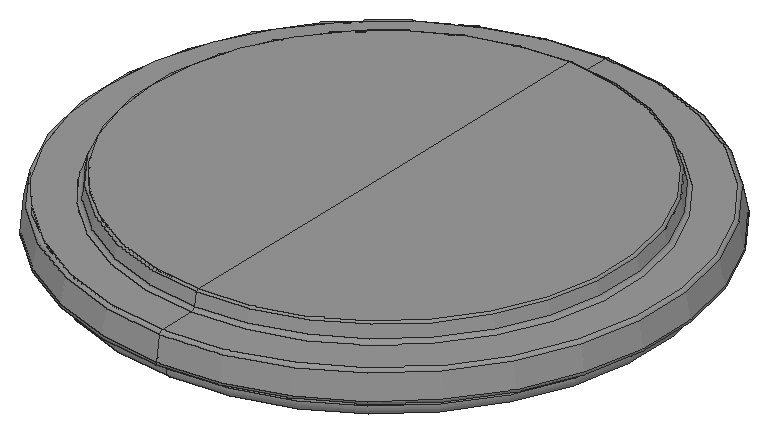
Revit family "FMK13_63_UN_Surface-mounted_ETK", category Lighting Fixtures, Revit 2017 (continued)
Definition of nested family "FMK.1 - Lightsource"
  Types (13, lengths in mm): name | Wattage Comments | Photometric Web File | built-in parameter 1150142 | Apparent Load
    FMK.1239.10 - Ø300x40 / 18W | "18W" | "FMK.1239.10.ies" | "IESNA:LM-63-2002\r\n[TEST] /2014\r\n[TESTLAB] ies2eulumdat.appspot.com\r\n[ISSUEDATE] 2021-06-16T09:02:18.810\r\n[MANUFAC] www.etk.nl\r\n[LUMCAT] FMK.1209.10\r\n[LUMINAIRE] FMK.1 LED 18W 3000/4000/5700K ø300 niet dimbaar\r\n[LAMPCAT] LED\r\n[LAMP] LED\r\nTILT=NONE\r\n1\t1710\t1\t46\t180\t1\t2\t-0.300\t-0.300\t0\r\n1.0\t1.0\t18.30\r\n0\t 2\t 4\t 6\t 8\t 10\t 12\t 14\t 16\t 18\r\n20\t 22\t 24\t 26\t 28\t 30\t 32\t 34\t 36\t 38\r\n40\t 42\t 44\t 46\t 48\t 50\t 52\t 54\t 56\t 58\r\n60\t 62\t 64\t 66\t 68\t 70\t 72\t 74\t 76\t 78\r\n80\t 82\t 84\t 86\t 88\t 90\r\n0\t 2\t 4\t 6\t 8\t 10\t 12\t 14\t 16\t 18\r\n20\t 22\t 24\t 26\t 28\t 30\t 32\t 34\t 36\t 38\r\n40\t 42\t 44\t 46\t 48\t 50\t 52\t 54\t 56\t 58\r\n60\t 62\t 64\t 66\t 68\t 70\t 72\t 74\t 76\t 78\r\n80\t 82\t 84\t 86\t 88\t 90\t 92\t 94\t 96\t 98\r\n100\t 102\t 104\t 106\t 108\t 110\t 112\t 114\t 116\t 118\r\n120\t 122\t 124\t 126\t 128\t 130\t 132\t 134\t 136\t 138\r\n140\t 142\t 144\t 146\t 148\t 150\t 152\t 154\t 156\t 158\r\n160\t 162\t 164\t 166\t 168\t 170\t 172\t 174\t 176\t 178\r\n180\t 182\t 184\t 186\t 188\t 190\t 192\t 194\t 196\t 198\r\n200\t 202\t 204\t 206\t 208\t 210\t 212\t 214\t 216\t 218\r\n220\t 222\t 224\t 226\t 228\t 230\t 232\t 234\t 236\t 238\r\n240\t 242\t 244\t 246\t 248\t 250\t 252\t 254\t 256\t 258\r\n260\t 262\t 264\t 266\t 268\t 270\t 272\t 274\t 276\t 278\r\n280\t 282\t 284\t 286\t 288\t 290\t 292\t 294\t 296\t 298\r\n300\t 302\t 304\t 306\t 308\t 310\t 312\t 314\t 316\t 318\r\n320\t 322\t 324\t 326\t 328\t 330\t 332\t 334\t 336\t 338\r\n340\t 342\t 344\t 346\t 348\t 350\t 352\t 354\t 356\t 358\r\n\r\n604.9325\t603.2919\t601.6514\t598.9367\t595.1481\t591.3474\t584.4074\t577.4673\t570.5271\t563.5989\r\n556.6589\t546.0716\t535.4844\t524.9091\t514.322\t503.7347\t489.8782\t476.0098\t462.1414\t448.2731\r\n434.4164\t417.5148\t400.6012\t383.6995\t366.7979\t349.8961\t330.7164\t311.5251\t292.3454\t273.1539\r\n253.9742\t234.7827\t215.6031\t196.4116\t177.2319\t158.0404\t0\t0\t0\t0\r\n0\t0\t0\t0\t0\t0\r\n604.9325\t603.303\t601.6736\t598.9672\t595.1776\t591.371\t584.4474\t577.518\t570.5942\t563.6772\r\n556.7804\t546.2089\t535.6382\t525.0562\t514.4711\t503.9096\t490.0793\t476.249\t462.4177\t448.5869\r\n434.7567\t417.8553\t400.9346\t384.014\t367.0954\t350.1887\t331.0138\t311.8383\t292.6629\t273.4839\r\n254.309\t235.1337\t215.9576\t196.7709\t177.5953\t158.8079\t0.4083\t0\t0\t0\r\n0\t0\t0\t0\t0\t0\r\n604.9325\t603.316\t601.6989\t599.0015\t595.1958\t591.3698\t584.4843\t577.5711\t570.6711\t563.7586\r\n556.8947\t546.3551\t535.7596\t525.1644\t514.5799\t504.0319\t490.2428\t476.4007\t462.5425\t448.6943\r\n434.9048\t418.0625\t401.1696\t384.2789\t367.3894\t350.5392\t331.4019\t312.225\t293.0468\t273.8823\r\n254.7052\t235.5402\t216.3663\t197.1991\t178.024\t160.3893\t1.6616\t0\t0\t0\r\n0\t0\t0\t0\t0\t0\r\n604.9325\t603.3306\t601.7275\t599.0433\t595.2312\t591.4156\t584.5657\t577.6625\t570.7544\t563.8431\r\n557.0019\t546.5201\t535.9272\t525.353\t514.7657\t504.264\t490.5226\t476.6557\t462.7667\t448.8924\r\n435.124\t418.3554\t401.4707\t384.5722\t367.6697\t350.8303\t331.7467\t312.5747\t293.4071\t274.2312\r\n255.0699\t235.9111\t216.7553\t197.6045\t178.4467\t162.6446\t3.8393\t0\t0\t0\r\n0\t0\t0\t0\t0\t0\r\n604.9325\t603.3467\t601.7784\t599.0852\t595.2744\t591.4839\t584.6789\t577.7818\t570.8609\t563.9373\r\n557.1543\t546.7354\t536.1372\t525.529\t514.8988\t504.4471\t490.789\t476.9063\t463.0292\t449.1418\r\n435.4474\t418.7539\t401.8361\t384.8952\t367.9622\t351.1523\t332.1531\t312.9933\t293.8363\t274.6741\r\n255.5041\t236.3482\t217.1967\t198.0491\t178.904\t165.4825\t7.0717\t0\t0\t0\r\n0\t0\t0\t0\t0\t0\r\n604.9325\t603.3646\t601.8109\t599.1301\t595.3254\t591.5822\t584.8149\t577.9154\t571.003\t564.0375\r\n557.2822\t546.9546\t536.3271\t525.6894\t515.0537\t504.6554\t491.1358\t477.2379\t463.3307\t449.4155\r\n435.7478\t419.1745\t402.2081\t385.2544\t368.2909\t351.5211\t332.6242\t313.4509\t294.2734\t275.1156\r\n255.9625\t236.8063\t217.6543\t198.5095\t179.3715\t168.6886\t11.5411\t0\t0\t0\r\n0\t0\t0\t0\t0\t0\r\n604.9325\t603.3841\t601.8434\t599.178\t595.3834\t591.6781\t584.976\t578.0752\t571.1133\t564.0963\r\n557.383\t547.1909\t536.5313\t525.8766\t515.2136\t504.8691\t491.4968\t477.5392\t463.5748\t449.6118\r\n435.9498\t419.5755\t402.6015\t385.6298\t368.6616\t351.9183\t333.1605\t313.9425\t294.7654\t275.5923\r\n256.4278\t237.2774\t218.1312\t198.9956\t179.8672\t172.0139\t17.4822\t0\t0\t0\r\n0\t0\t0\t0\t0\t0\r\n604.9325\t603.4053\t601.8759\t599.2285\t595.4497\t591.7812\t585.1731\t578.2085\t571.1927\t564.1664\r\n557.4629\t547.4497\t536.7769\t526.0887\t515.3685\t505.002\t491.8629\t477.8739\t463.8657\t449.8384\r\n436.2083\t420.1244\t403.1335\t386.0845\t369.0368\t352.2643\t333.7051\t314.4923\t295.2823\t276.0978\r\n256.9176\t237.7601\t218.6225\t199.4936\t180.379\t175.1597\t25.1927\t0\t0\t0\r\n0\t0\t0\t0\t0\t0\r\n604.9325\t603.4593\t601.9085\t599.2738\t595.5244\t591.9079\t585.3373\t578.316\t571.3136\t564.2514\r\n557.5412\t547.753\t537.0529\t526.317\t515.5469\t505.1567\t492.6884\t478.2212\t464.1752\t450.1642\r\n436.1336\t421.0943\t403.6156\t386.5209\t369.432\t352.3337\t334.5504\t315.0513\t295.836\t276.637\r\n257.4544\t238.29\t219.1493\t200.0199\t180.9108\t177.7292\t35.0259\t0\t0\t0\r\n0\t0\t0\t0\t0\t0\r\n604.9325\t603.4826\t601.941\t599.3319\t595.6075\t591.9952\t585.4602\t578.4838\t571.4702\t564.333\r\n557.6055\t548.1073\t537.3696\t526.5928\t515.7384\t504.8144\t493.0694\t478.6336\t464.5307\t450.3943\r\n436.2933\t421.64\t404.1436\t386.9492\t369.8193\t352.7072\t335.1677\t315.6771\t296.4365\t277.212\r\n258.007\t238.8258\t219.6743\t200.5397\t181.4425\t179.2574\t47.3991\t0\t0\t0\r\n0\t0\t0\t0\t0\t0\r\n604.9325\t603.5064\t601.9734\t599.3945\t595.7161\t592.0648\t585.6584\t578.7119\t571.6053\t564.412\r\n557.2136\t548.9435\t537.7363\t526.8513\t515.8959\t504.8997\t493.4258\t478.9823\t464.8596\t450.6873\r\n436.4267\t422.0138\t404.7199\t387.5204\t370.3217\t353.0976\t335.7436\t316.324\t297.0385\t277.7912\r\n258.567\t239.3682\t220.2087\t201.0815\t181.9832\t162.9148\t98.4026\t0\t0\t0\r\n0\t0\t0\t0\t0\t0\r\n604.9325\t603.5306\t602.0055\t599.4612\t595.8018\t592.0844\t585.9012\t578.9142\t571.7274\t564.5615\r\n557.281\t549.3317\t538.103\t527.1296\t516.0869\t504.9399\t493.7098\t479.4734\t465.2005\t450.9492\r\n436.7405\t422.5771\t405.4099\t388.0744\t370.7796\t353.4924\t336.2684\t316.9931\t297.6847\t278.4178\r\n259.1782\t239.9648\t220.7735\t201.6345\t182.5343\t163.481\t113.7595\t0\t0\t0\r\n0\t0\t0\t0\t0\t0\r\n604.9325\t603.5554\t602.0217\t599.532\t595.8866\t592.1561\t586.588\t579.0795\t571.9261\t564.708\r\n557.356\t549.6474\t538.4927\t527.425\t516.249\t505.0832\t494.0234\t479.9866\t465.7575\t451.3805\r\n437.0064\t422.8844\t406.0364\t388.6721\t371.3233\t353.9575\t336.8059\t317.7551\t298.3731\t279.0511\r\n259.7888\t240.5534\t221.3703\t202.2241\t183.1196\t164.0583\t128.3143\t0\t0\t0\r\n0\t0\t0\t0\t0\t0\r\n604.9325\t603.5809\t602.0558\t599.618\t595.9723\t592.2358\t586.8402\t579.3172\t572.1843\t564.8477\r\n557.415\t549.9086\t538.9015\t527.7199\t516.5471\t505.2607\t494.2777\t480.6872\t466.1976\t451.7399\r\n437.252\t422.7612\t407.2466\t389.4272\t371.966\t354.4582\t337.2243\t318.5243\t299.1108\t279.742\r\n260.4244\t241.1781\t221.9657\t202.8103\t183.7099\t164.6491\t141.3505\t0\t0\t0\r\n0\t0\t0\t0\t0\t0\r\n604.9325\t603.6071\t602.0912\t599.6912\t596.0451\t591.9798\t587.0148\t579.6483\t572.4109\t565.0026\r\n557.4889\t550.099\t539.3311\t528.166\t516.8776\t505.53\t494.0643\t481.5955\t466.7489\t452.2129\r\n437.6254\t423.0444\t408.0517\t390.1803\t372.5893\t355.0126\t337.4403\t319.5246\t299.8803\t280.4737\r\n261.1232\t241.8179\t222.5739\t203.4066\t184.3006\t165.2486\t152.0665\t0\t0\t0\r\n0\t0\t0\t0\t0\t0\r\n604.9325\t603.6338\t602.1279\t599.7642\t596.2915\t592.06\t587.2479\t579.9651\t572.6275\t565.1743\r\n557.5912\t550.1482\t539.9086\t528.6542\t517.2707\t505.7657\t494.0884\t482.1911\t467.4123\t452.7044\r\n438.0073\t423.2908\t408.632\t391.0308\t373.3713\t355.5458\t337.8389\t320.2515\t300.7003\t281.2121\r\n261.8325\t242.4922\t223.2123\t204.0069\t184.8961\t165.8551\t159.6039\t13.1538\t0\t0\r\n0\t0\t0\t0\t0\t0\r\n604.9325\t603.6611\t602.1659\t599.8376\t596.4054\t592.1391\t587.4977\t580.2805\t572.8868\t565.3787\r\n557.6678\t549.7361\t540.9527\t529.1771\t517.6731\t506.0008\t494.2758\t482.6381\t468.0299\t453.2316\r\n438.4194\t423.5879\t409.1603\t391.9077\t373.8445\t355.9972\t338.2732\t320.7969\t301.5855\t282.0214\r\n262.5566\t243.1786\t223.8823\t204.6641\t185.522\t166.4516\t162.8905\t31.8043\t0\t0\r\n0\t0\t0\t0\t0\t0\r\n604.9325\t603.6892\t602.2049\t599.908\t596.5241\t592.1992\t587.8004\t580.5758\t573.1764\t565.6227\r\n557.7326\t549.8042\t541.4288\t529.7323\t518.1144\t506.3438\t494.4987\t482.7908\t468.7329\t453.8508\r\n438.9175\t423.9507\t408.6493\t392.7359\t374.5174\t356.6496\t338.8317\t321.0335\t302.7194\t282.8805\r\n263.3626\t243.9028\t224.5481\t205.3141\t186.1662\t167.0952\t148.1118\t88.6377\t0\t0\r\n0\t0\t0\t0\t0\t0\r\n604.9325\t603.7179\t602.2449\t599.981\t596.652\t592.2995\t588.0109\t580.9296\t573.5102\t565.8506\r\n557.9219\t549.8881\t541.7121\t530.3743\t518.611\t506.7558\t494.6717\t482.47\t469.828\t454.5537\r\n439.4245\t424.0109\t408.6349\t393.3735\t375.3775\t357.3866\t339.435\t321.5173\t303.5607\t283.7689\r\n264.1651\t244.6733\t225.2874\t205.9828\t186.7886\t167.711\t148.7442\t112.1139\t0\t0\r\n0\t0\t0\t0\t0\t0\r\n604.9325\t603.7473\t602.2856\t600.0568\t596.7719\t592.4179\t588.1719\t581.3183\t573.9078\t566.0743\r\n558.1389\t549.9635\t541.9262\t531.0335\t519.2162\t507.1698\t494.9265\t482.6333\t470.329\t455.2483\r\n439.8147\t424.3822\t408.9232\t393.7403\t376.3501\t358.2294\t340.1252\t322.0395\t304.2025\t284.7408\r\n265.0668\t245.4539\t225.9736\t206.6463\t187.4435\t168.3603\t149.3849\t130.4101\t0\t0\r\n0\t0\t0\t0\t0\t0\r\n604.9325\t603.7776\t602.3343\t600.133\t596.8924\t592.5514\t588.2573\t582.1028\t574.2915\t566.3966\r\n558.3966\t550.0391\t541.4961\t532.1224\t519.854\t507.633\t495.3114\t482.8481\t470.4815\t456.3368\r\n440.5157\t424.9232\t409.2495\t393.6295\t377.6559\t359.1366\t340.8577\t322.656\t304.5206\t285.931\r\n265.9183\t246.2694\t226.7385\t207.3469\t188.0877\t168.9899\t150.0335\t142.1012\t0.9237\t0\r\n0\t0\t0\t0\t0\t0\r\n604.9325\t603.8087\t602.2411\t600.2093\t597.0138\t592.7089\t587.9814\t582.506\t574.6544\t566.7889\r\n558.6686\t550.1973\t541.4544\t532.5851\t520.5561\t508.2392\t495.7924\t483.0495\t470.1335\t457.1163\r\n441.3228\t425.5219\t409.7509\t393.9106\t378.232\t360.1469\t341.7391\t323.3504\t304.9773\t286.7673\r\n266.8982\t247.1147\t227.4881\t208.0586\t188.7792\t169.6606\t150.6879\t131.866\t21.4679\t0\r\n0\t0\t0\t0\t0\t0\r\n604.9325\t603.8407\t602.2844\t600.2854\t597.1426\t592.8591\t588.0729\t582.907\t575.0998\t567.2089\r\n558.9621\t550.3823\t541.4848\t532.7997\t521.7716\t508.9483\t496.2748\t483.3245\t470.3834\t457.4768\r\n442.2022\t426.336\t410.3521\t394.239\t378.1528\t361.5855\t342.6871\t324.0744\t305.6064\t287.3619\r\n267.8645\t248.0216\t228.3498\t208.8257\t189.4682\t170.3025\t151.3323\t132.5387\t80.029\t0\r\n0\t0\t0\t0\t0\t0\r\n604.9325\t603.8733\t602.3299\t600.3607\t597.2661\t593.1545\t588.1843\t583.2018\t575.6055\t567.6783\r\n559.3106\t550.6007\t541.5686\t532.3163\t522.4808\t509.7479\t496.8485\t483.8597\t470.6669\t457.2136\r\n443.4699\t427.2526\t410.9944\t394.713\t378.4457\t362.2796\t343.7493\t325.0072\t306.2591\t287.6577\r\n269.0839\t249.009\t229.1809\t209.5733\t190.2093\t170.9954\t151.9889\t133.1871\t107.1195\t0\r\n0\t0\t0\t0\t0\t0\r\n604.9325\t603.907\t602.3776\t600.435\t597.3875\t593.3208\t588.3223\t583.4193\t576.5313\t568.1743\r\n559.709\t550.8685\t541.7588\t532.2517\t522.878\t510.5737\t497.5582\t484.484\t471.0737\t457.3263\r\n443.9663\t428.2466\t411.8005\t395.3788\t378.7305\t362.2173\t345.2416\t325.9593\t307.1037\t288.3016\r\n269.7515\t250.003\t230.1332\t210.3898\t190.9169\t171.6613\t152.6389\t133.8373\t123.7799\t0\r\n0\t0\t0\t0\t0\t0\r\n604.9325\t603.9123\t602.428\t600.501\t597.5056\t593.4861\t588.4837\t583.5425\t577.0344\t568.7101\r\n560.1512\t551.1686\t541.9813\t532.3519\t522.4772\t511.7762\t498.5257\t485.22\t471.4735\t457.7046\r\n443.7031\t429.415\t412.8677\t396.0261\t379.2618\t362.4764\t345.8916\t327.1753\t308.035\t288.9915\r\n270.1463\t251.2322\t231.0663\t211.2373\t191.6472\t172.3408\t153.2921\t134.4874\t115.9236\t9.2138\r\n0\t0\t0\t0\t0\t0\r\n604.9325\t603.9481\t602.4812\t600.5742\t597.6202\t593.653\t588.668\t583.3077\t577.4581\t569.2983\r\n560.6533\t551.5767\t542.2042\t532.5113\t522.3616\t512.2177\t499.5876\t486.0776\t472.1462\t458.1519\r\n443.8695\t429.876\t414.2071\t396.917\t379.9187\t362.8675\t345.8321\t328.6051\t309.1102\t289.916\r\n270.7523\t251.9617\t232.0644\t212.1103\t192.4343\t173.0323\t153.9173\t135.1018\t116.562\t65.7955\r\n0\t0\t0\t0\t0\t0\r\n604.9325\t603.9852\t602.5371\t600.6467\t597.73\t593.8172\t588.8736\t583.4583\t577.7772\t570.2819\r\n561.2111\t552.1325\t542.5577\t532.7343\t522.3727\t511.8663\t500.9199\t486.9213\t472.9747\t458.7217\r\n444.2496\t429.5691\t414.7964\t398.0122\t380.7816\t363.4509\t346.0825\t328.8111\t310.4213\t290.8883\r\n271.5384\t252.3269\t233.2419\t213.0364\t193.2161\t173.736\t154.5864\t135.7567\t117.2044\t96.1475\r\n0\t0\t0\t0\t0\t0\r\n604.9325\t604.0236\t602.596\t600.7186\t597.8194\t593.9774\t589.2292\t583.6201\t577.9865\t570.7992\r\n561.8256\t552.71\t543.0652\t533.0169\t522.502\t511.8678\t501.241\t488.4687\t473.9436\t459.4936\r\n444.832\t429.7247\t414.7044\t399.4139\t381.8032\t364.1979\t346.6042\t329.0336\t311.6354\t292.1036\r\n272.4601\t253.0354\t233.7628\t214.0337\t194.1035\t174.5269\t155.255\t136.3516\t117.8305\t109.9048\r\n0\t0\t0\t0\t0\t0\r\n604.9325\t604.0637\t602.658\t600.789\t597.9215\t594.1325\t589.4529\t583.8272\t577.7627\t571.1951\r\n562.8118\t553.2917\t543.6239\t533.3822\t522.7915\t511.9619\t500.5541\t489.0998\t475.0948\t460.4654\r\n445.4767\t430.3017\t414.8994\t399.3696\t383.2919\t365.1943\t347.3191\t329.4129\t311.6006\t293.6303\r\n273.6308\t253.85\t234.3543\t215.1938\t195.0532\t175.2777\t155.9455\t136.9913\t118.4168\t100.2246\r\n10.9351\t0\t0\t0\t0\t0\r\n604.9325\t604.1049\t602.7234\t600.8579\t598.021\t594.2782\t589.6773\t584.0732\t577.9255\t571.4711\r\n563.458\t554.0039\t544.2463\t533.8777\t523.2306\t512.1995\t500.5102\t488.6583\t476.4436\t461.6248\r\n446.3237\t431.0595\t415.3954\t399.5376\t383.6965\t366.7259\t348.2364\t330.1152\t311.8732\t293.8363\r\n275.1387\t254.8952\t235.1611\t215.6652\t196.0554\t176.1444\t156.6456\t137.594\t119.0254\t100.8532\r\n68.8785\t0\t0\t0\t0\t0\r\n604.9325\t604.3797\t602.795\t600.7955\t598.1176\t594.4184\t589.9421\t584.4807\t578.1293\t571.2717\r\n564.0225\t555.1365\t544.9684\t534.4889\t523.7521\t512.5133\t500.6805\t488.5879\t476.1182\t463.0735\r\n447.6366\t431.9684\t416.1152\t399.9456\t383.6989\t367.3767\t349.5599\t330.9731\t312.5046\t294.0321\r\n275.9095\t256.218\t236.1048\t216.3684\t197.0093\t177.0397\t157.4158\t138.2701\t119.6169\t101.4035\r\n91.2126\t0\t0\t0\t0\t0\r\n604.9325\t604.4205\t602.8672\t600.8728\t598.211\t594.5549\t590.1569\t584.7672\t578.3807\t571.4627\r\n564.3113\t555.8405\t545.7988\t535.2615\t524.3877\t512.92\t501.0143\t488.7096\t476.0305\t462.7583\r\n449.2912\t433.217\t417.0958\t400.713\t384.1708\t367.2088\t350.6545\t332.2272\t313.392\t294.5441\r\n275.8683\t257.4578\t237.4149\t217.2362\t197.4869\t178.1427\t158.2694\t138.9226\t120.2106\t101.9885\r\n84.2445\t0\t0\t0\t0\t0\r\n604.9325\t604.4609\t602.9426\t600.9571\t598.301\t594.685\t590.3595\t585.0141\t578.795\t571.7158\r\n564.1432\t556.2603\t546.8908\t536.205\t525.1774\t513.5407\t501.5676\t489.0287\t476.1442\t462.6532\r\n448.9921\t434.8922\t418.416\t401.8982\t384.7929\t367.6136\t350.3325\t333.3151\t314.6323\t295.4577\r\n276.336\t257.5068\t238.7779\t218.4036\t198.3424\t178.728\t159.174\t139.7342\t120.8004\t102.4847\r\n84.7775\t45.5539\t0\t0\t0\t0\r\n604.9325\t604.5006\t603.0216\t601.0606\t598.3865\t594.8079\t590.54\t585.2417\t579.0807\t572.1467\r\n564.4011\t556.1409\t547.4037\t537.4374\t526.1369\t514.3405\t502.2658\t489.5783\t476.4823\t462.9105\r\n448.8591\t434.6232\t420.0685\t403.4046\t385.7751\t368.4205\t350.8718\t333.1656\t315.607\t296.8929\r\n277.2305\t257.8752\t238.7581\t219.918\t199.4756\t179.4703\t160.1376\t140.5119\t121.4449\t103.0157\r\n85.2703\t74.215\t0\t0\t0\t0\r\n604.9325\t604.5394\t603.1042\t601.1584\t598.3492\t594.9234\t590.7019\t585.451\t579.3531\t572.4943\r\n564.7651\t556.3877\t547.3688\t538.0224\t527.3866\t515.3535\t503.115\t490.3931\t476.9994\t463.303\r\n449.0547\t434.4994\t419.6921\t404.5604\t387.5106\t369.5539\t351.7313\t333.6797\t315.5431\t297.2741\r\n278.797\t258.7661\t239.2377\t219.9717\t200.9556\t180.5254\t160.6648\t141.5044\t122.1648\t103.5896\r\n85.7592\t68.6221\t0\t0\t0\t0\r\n604.9325\t604.5773\t603.1902\t601.2632\t598.4516\t595.0092\t590.8464\t585.643\t579.6101\t572.8202\r\n565.325\t556.7647\t547.6995\t538.0024\t527.9437\t516.6478\t504.4938\t491.4266\t477.8344\t463.9221\r\n449.6332\t434.78\t419.7115\t403.8594\t387.7921\t371.4508\t353.0947\t334.6903\t316.1395\t297.631\r\n278.8793\t260.2808\t240.1353\t220.3427\t201.0312\t181.9801\t161.6499\t142.0644\t123.0333\t104.2161\r\n86.2409\t69.0879\t15.2173\t0\t0\t0\r\n604.9325\t604.6141\t603.2798\t601.3757\t598.5679\t594.9853\t590.9493\t585.8192\t579.8489\t573.1198\r\n565.7109\t557.3403\t548.3007\t538.393\t527.9435\t517.2634\t505.3927\t492.933\t478.9816\t464.8927\r\n450.474\t435.4187\t420.1142\t403.9636\t387.6809\t371.1777\t354.5307\t336.6039\t317.3934\t298.4472\r\n279.3102\t260.28\t241.3379\t221.3309\t201.4226\t182.0109\t163.0786\t142.9823\t123.7395\t104.974\r\n86.81\t69.5539\t58.969\t0\t0\t0\r\n604.9325\t604.6498\t603.6043\t601.4957\t598.6984\t595.1135\t590.9331\t585.9739\t580.0893\t573.3916\r\n566.0512\t557.7504\t548.7954\t539.0648\t528.4009\t517.3472\t505.5605\t493.6743\t480.4541\t466.4352\r\n451.5987\t436.4298\t420.8587\t404.6187\t388.0855\t371.2381\t354.0167\t336.6193\t319.1551\t299.9255\r\n280.4523\t260.8892\t241.3921\t222.136\t202.5984\t182.4131\t163.0718\t144.3638\t124.5764\t105.7842\r\n87.4272\t70.0349\t53.7077\t0\t0\t0\r\n604.9325\t604.6844\t603.6946\t601.6237\t598.8432\t595.2649\t591.0743\t585.9936\t580.2878\t573.6051\r\n566.3212\t558.1173\t549.2219\t539.5715\t529.1248\t518.0448\t506.0844\t493.7649\t480.7344\t467.3507\r\n453.0676\t438.029\t422.0569\t405.7673\t388.9954\t371.8917\t354.386\t336.673\t318.7419\t300.4149\r\n282.1798\t262.3184\t242.4052\t222.5131\t202.8279\t183.5184\t163.5632\t144.2653\t1
